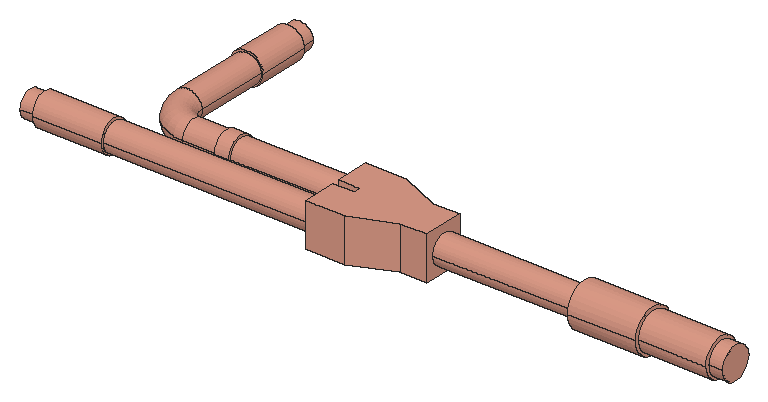
Revit family "outputfile", category 配管付属品, Revit 2024
Family settings
  丸型コネクタ寸法 = 半径を使用
  パーツ タイプ = 標準
  OmniClass 番号 = 23.65.55.00
  OmniClass タイトル = Distribution of Supplied Liquids/Gases
  作業面ベース = いいえ
  常に垂直 = はい
  ロード時にボイドで切り取り = いいえ
  共有 = いいえ
Parameters (values of type "BHFP26R135")
  Description = ""
  製造元 = "Daikin"
  書き出し IFC クラス(タイプ) = "IfcPipeFittingType"
  Default Elevation = 0.0 mm
  定義済み IFC タイプ(タイプ) = "JUNCTION"
  Cost = 0
  モデル = "BHFP26R135"
  Type Comments = ""
  Keynote = ""
  Type Image = (empty or 0)
  Assembly Code = ""
  table_PipeToCU_B [instance] = if(mm⇔inch, "Multi Module Kit_BHFP26R-_Liquid_PipeToCU_B", "Multi Module Kit_BHFP26R-_Liquid_PipeToCU_B_inch")  # "Multi Module Kit_BHFP26R-_Liquid_PipeToCU_B"
  table_PipeToCU_A [instance] = if(mm⇔inch, "Multi Module Kit_BHFP26R-_Liquid_PipeToCU_A", "Multi Module Kit_BHFP26R-_Liquid_PipeToCU_A_inch")  # "Multi Module Kit_BHFP26R-_Liquid_PipeToCU_A"
  table_ToMainPipe [instance] = if(mm⇔inch, "Multi Module Kit_BHFP26R-_Liquid_ToMainPipe", "Multi Module Kit_BHFP26R-_Liquid_ToMainPipe_inch")  # "Multi Module Kit_BHFP26R-_Liquid_ToMainPipe"
  switch_ToMainPipe3 [instance] = if(number_ToMainPipe < 3, 1 = 0, 1 = 1)  # yes
  switch_PipeToCU_B Reducer [instance] = if(and(Is_PipeToCU_B Reducer = 1, judge_IsOffsetPipe_ToOutdoorUnitB = 0), 1 = 1, 1 = 0)  # no
  switch_PipeToCU_B4 [instance] = if(number_PipeToCU_B < 4, 1 = 0, 1 = 1)  # no
  switch_PipeToCU_B3 [instance] = if(number_PipeToCU_B < 3, 1 = 0, 1 = 1)  # no
  switch_PipeToCU_B2 [instance] = if(number_PipeToCU_B < 2, 1 = 0, 1 = 1)  # yes
  switch_PipeToCU_A Reducer [instance] = if(Is_PipeToCU_A Reducer = 1, 1 = 1, 1 = 0)  # yes
  switch_ToMainPipe Reducer [instance] = if(Is_ToMainPipe Reducer = 1, 1 = 1, 1 = 0)  # no
  switch_ToMainPipe2 [instance] = if(number_ToMainPipe < 2, 1 = 0, 1 = 1)  # yes
  r_PipeToCU_B_ActualDiameter [instance] = PipeToCU_B_Liquid_ActualDiameter / 2  # 6.35 mm
  r_PipeToCU_A_ActualDiameter [instance] = PipeToCU_A_Liquid_ActualDiameter / 2  # 6.35 mm
  r_ToMainPipe_ActualDiameter [instance] = ToMainPipe_Liquid_ActualDiameter / 2  # 7.95 mm
  number_PipeToCU_B ReducerPipe [instance] = size_lookup(table_PipeToCU_B, "reducerPipeNumber", 0, モデル, judge_IsOffsetPipe_ToOutdoorUnitB, PipeToCU_B_Liquid_ActualDiameter)  # 0
  number_PipeToCU_B [instance] = size_lookup(table_PipeToCU_B, "pipeNumber", 2, モデル, judge_IsOffsetPipe_ToOutdoorUnitB, PipeToCU_B_Liquid_ActualDiameter)  # 2
  number_PipeToCU_A ReducerPipe [instance] = size_lookup(table_PipeToCU_A, "reducerPipeNumber", 2, モデル, PipeToCU_A_Liquid_ActualDiameter)  # 2
  number_ToMainPipe [instance] = size_lookup(table_ToMainPipe, "pipeNumber", 3, モデル, ToMainPipe_Liquid_ActualDiameter)  # 3
  mm⇔inch [instance] = yes
  l_ToMainPipe3 [instance] = size_lookup(table_ToMainPipe, "L_Pipe3", 8.0 mm, モデル)  # 8.0 mm
  judge_IsOffsetPipe_ToOutdoorUnitB [instance] = 0  # constant formula
  Unit Type = "BHFP26R-_Liquid"
  Uniclass2015Version = "Products v1.31"
  Uniclass2015Title = "Copper pipe fittings"
  Uniclass2015Code = "Pr_65_52_63_18"
  URL = ""
  ToMainPipe_Liquid_Status [instance] = size_lookup(table_ToMainPipe, "Information", "The connected pipe size is not available.", モデル, ToMainPipe_Liquid_ActualDiameter)  # "Default connector size is used."
  ToMainPipe_Liquid_ActualDiameter [instance] = 15.9 mm
  Tag No. [instance] = ""
  Series = "Multi Module kit"
  PipeToCU_B_Liquid_Status [instance] = size_lookup(table_PipeToCU_B, "Information", "The connected pipe size is not available.", モデル, judge_IsOffsetPipe_ToOutdoorUnitB, PipeToCU_B_Liquid_ActualDiameter)  # "Default connector size is used."
  PipeToCU_B_Liquid_ActualDiameter [instance] = 12.7 mm
  PipeToCU_A_Liquid_Status [instance] = size_lookup(table_PipeToCU_A, "Information", "The connected pipe size is not available.", モデル, PipeToCU_A_Liquid_ActualDiameter)  # "Reducer is used at connector."
  PipeToCU_A_Liquid_ActualDiameter [instance] = 12.7 mm
  Material_Piping = DAIKIN_Copper_Pipe
  Material_Insulation = DAIKIN_White_Insulation
  location_PipeToCU_A connector [instance] = size_lookup(table_PipeToCU_A, "Locationconnector", 107.0 mm, モデル, PipeToCU_A_Liquid_ActualDiameter)  # 107.0 mm
  l_PipeToCU_B connector [instance] = size_lookup(table_PipeToCU_B, "Length", 161.0 mm, モデル, judge_IsOffsetPipe_ToOutdoorUnitB, PipeToCU_B_Liquid_ActualDiameter)  # 161.0 mm
  l_PipeToCU_B Reducer [instance] = 100.0 mm  # constant formula
  l_PipeToCU_B4 [instance] = size_lookup(table_PipeToCU_B, "L_Pipe4", 2.0 mm, モデル)  # 2.0 mm
  l_PipeToCU_B3 [instance] = size_lookup(table_PipeToCU_B, "L_Pipe3", 2.0 mm, モデル)  # 2.0 mm
  l_PipeToCU_B2 [instance] = size_lookup(table_PipeToCU_B, "L_Pipe2", 8.0 mm, モデル)  # 8.0 mm
  l_PipeToCU_B1 [instance] = size_lookup(table_PipeToCU_B, "L_Pipe1", 38.5 mm, モデル)  # 38.5 mm
  l_PipeToCU_B0 [instance] = size_lookup(table_PipeToCU_B, "L_Pipe0", 114.5 mm, モデル)  # 114.5 mm
  l_PipeToCU_A connector [instance] = size_lookup(table_PipeToCU_A, "Length", 97.0 mm, モデル, PipeToCU_A_Liquid_ActualDiameter)  # 97.0 mm
  l_PipeToCU_A1 [instance] = size_lookup(table_PipeToCU_A, "L_Pipe1", 8.0 mm, モデル)  # 8.0 mm
  l_PipeToCU_A0 [instance] = size_lookup(table_PipeToCU_A, "L_Pipe0", 62.0 mm, モデル)  # 62.0 mm
  l_ToMainPipe connector [instance] = size_lookup(table_ToMainPipe, "Length", 163.0 mm, モデル, ToMainPipe_Liquid_ActualDiameter)  # 163.0 mm
  l_ToMainPipe Reducer [instance] = size_lookup(table_ToMainPipe, "L_Reducer", 2.0 mm, モデル, ToMainPipe_Liquid_ActualDiameter)  # 2.0 mm
  l_ToMainPipe2 [instance] = size_lookup(table_ToMainPipe, "L_Pipe2", 38.0 mm, モデル)  # 38.0 mm
  l_ToMainPipe1 [instance] = size_lookup(table_ToMainPipe, "L_Pipe1", 38.0 mm, モデル)  # 38.0 mm
  l_ToMainPipe0 [instance] = size_lookup(table_ToMainPipe, "L_Pipe0", 79.0 mm, モデル)  # 79.0 mm
  judge_JointType(1or2) = 2
  count_PipeToCU_B Reducer [instance] = 0  # constant formula
  count_PipeToCU_A Reducer [instance] = size_lookup(table_PipeToCU_A, "reducerCount", 1, モデル, PipeToCU_A_Liquid_ActualDiameter)  # 1
  angle_PipeToCU_A Pipe [instance] = if(RotateBranchPipetoCU_A_90°, 90.00°, 0.00°)  # 0.00°
  angle_PipeToCU_A Connector [instance] = angle_PipeToCU_A Pipe + 90.00°  # 90.00°
  PipeToCU_B_Liquid_AvailableDiameter [instance] = size_lookup(table_PipeToCU_B, "sizeVariation", "", モデル, judge_IsOffsetPipe_ToOutdoorUnitB)  # "12.7/15.9mm"
  PipeToCU_A_Liquid_AvailableDiameter [instance] = size_lookup(table_PipeToCU_A, "sizeVariation", "", モデル)  # "12.7/15.9mm"
  ToMainPipe_Liquid_AvailableDiameter [instance] = size_lookup(table_ToMainPipe, "sizeVariation", "", モデル)  # "15.9/19.1/22.2mm"
  RotateBranchPipetoCU_A_90° [instance] = no
  O.D_ToMainPipe Reducer [instance] = size_lookup(table_ToMainPipe, "O.D_reducer", 2.0 mm, モデル, ToMainPipe_Liquid_ActualDiameter)  # 2.0 mm
  Link_Nested Family [instance] = ""
  Is_PipeToCU_B Reducer [instance] = size_lookup(table_PipeToCU_B, "IsReducer", 0, モデル, judge_IsOffsetPipe_ToOutdoorUnitB, PipeToCU_B_Liquid_ActualDiameter)  # 0
  Is_PipeToCU_A Reducer [instance] = size_lookup(table_PipeToCU_A, "IsReducer", 1, モデル, PipeToCU_A_Liquid_ActualDiameter)  # 1
  Is_ToMainPipe Reducer [instance] = size_lookup(table_ToMainPipe, "IsReducer", 0, モデル, ToMainPipe_Liquid_ActualDiameter)  # 0
  IfcVersion = ""
  IfcExportType = "JUNCTION"
  IfcExportAs = "IfcPipeFittingType"
  I.D_ToMainPipe3 [instance] = size_lookup(table_ToMainPipe, "I.D_PipeSize3", 15.9 mm, モデル)  # 15.9 mm
  Attach_Insulation [instance] = no
  I.D_PipeToCU_B4 [instance] = size_lookup(table_PipeToCU_B, "I.D_PipeSize4", 2.0 mm, モデル)  # 2.0 mm
  I.D_PipeToCU_B3 [instance] = size_lookup(table_PipeToCU_B, "I.D_PipeSize3", 2.0 mm, モデル)  # 2.0 mm
  I.D_PipeToCU_B2 [instance] = size_lookup(table_PipeToCU_B, "I.D_PipeSize2", 12.7 mm, モデル)  # 12.7 mm
  I.D_PipeToCU_B1 [instance] = size_lookup(table_PipeToCU_B, "I.D_PipeSize1", 15.9 mm, モデル)  # 15.9 mm
  I.D_PipeToCU_B0 [instance] = size_lookup(table_PipeToCU_B, "I.D_PipeSize0", 13.9 mm, モデル)  # 13.9 mm
  I.D_PipeToCU_A1 [instance] = 15.5 mm  # constant formula
  I.D_PipeToCU_A0 [instance] = 13.9 mm  # constant formula
  I.D_ToMainPipe Reducer [instance] = size_lookup(table_ToMainPipe, "I.D_reducer", 2.0 mm, モデル, ToMainPipe_Liquid_ActualDiameter)  # 2.0 mm
  I.D_ToMainPipe2 [instance] = size_lookup(table_ToMainPipe, "I.D_PipeSize2", 19.1 mm, モデル)  # 19.1 mm
  I.D_ToMainPipe1 [instance] = size_lookup(table_ToMainPipe, "I.D_PipeSize1", 22.2 mm, モデル)  # 22.2 mm
  I.D_ToMainPipe0 [instance] = size_lookup(table_ToMainPipe, "I.D_PipeSize0", 13.9 mm, モデル)  # 13.9 mm
Reference planes
  plane 1 "Center (Front/Back)": y = 0
  plane 2: z = 0
  plane 3 "pipe2": x = 225.65
  plane 4: x = 187.65
  plane 5: x = 149.65
  plane 6: x = 70.65
  plane 7: x = 10.65
  plane 8: x = -59.35
  plane 9: x = -103.85
  plane 10: x = -142.35
  plane 11: x = -150.35
  plane 12: x = -152.35
  plane 13: x = -154.35
  plane 14 "offset_center": y = 11.5
  plane 15: y = -11.5
  plane 16: x = -51.35
  plane 17: x = 120.65
  plane 18 "ToMainPipe_connector": x = 233.65
  plane 19 "connector_OutdoorunitA": x = -96.35
  plane 20 "connector_ToOutdoorUnitB": x = -104.35
  plane 21 "pipe3": x = 233.65
Forms (mm)
  Extrusion 1, solid, material "DAIKIN_Copper_Pipe" <- "Material_Piping"
    sketch origin (0, 0, 0) x (1, 0, 0) y (0, 1, 0)
      loop
        line (10.65, 1.998) -> (22.65, 1.998) -> (22.65, -1.998) -> (10.65, -1.998) -> (10.65, -21.2) -> (32.801, -21.2) -> (55.65, -11.3) -> (70.65, -11.3) -> (70.65, 11.3) -> (55.65, 11.3) -> (32.801, 21.2) -> (10.65, 21.2) -> (10.65, 1.998)
    from -12.2 to 12.2
Dimensions and locks
  locked: plane 6 to plane 17 at 50
  "l_PipeToCU_A1": plane 8 to plane 16
  "l_PipeToCU_B1": plane 10 to plane 9
  "l_PipeToCU_B2": plane 11 to plane 10
  "l_PipeToCU_B3": plane 12 to plane 11
  "l_PipeToCU_B4": plane 13 to plane 12
  locked: plane 7 to plane 6 at 60
  "l_ToMainPipe1": plane 5 to plane 4
  "l_ToMainPipe2": plane 4 to plane 3 "pipe2"
  "l_ToMainPipe0": plane 6 to plane 5
  "l_ToMainPipe connector": plane 6 to plane 18 "ToMainPipe_connector"
  plane 14 "offset_center" to plane 1 "Center (Front/Back)" to plane 15 = 11.5 mm locked, 11.5 mm locked
  locked: plane 1 "Center (Front/Back)" to Extrusion 1 sketch curve at 11.3  (x2)
  locked: Extrusion 1 sketch curve to plane 1 "Center (Front/Back)" at 21.2
  locked: plane 1 "Center (Front/Back)" to Extrusion 1 sketch curve at 21.2
  "l_PipeToCU_A0": plane 16 to plane 7
  "location_PipeToCU_A connector": plane 19 "connector_OutdoorunitA" to plane 7
  "l_PipeToCU_B0": plane 9 to plane 7
  "l_ToMainPipe3": plane 3 "pipe2" to plane 21 "pipe3"
  aligned and locked: level to plane 2
  aligned and locked: plane 2 to nested 1
  aligned and locked: plane 1 "Center (Front/Back)" to nested 1
  aligned and locked: plane 3 "pipe2" to nested 1
  aligned and locked: plane 4 to nested 1
  aligned and locked: plane 4 to nested 2
  aligned and locked: plane 5 to nested 2
  aligned and locked: plane 5 to nested 3
  aligned and locked: plane 6 to nested 3
  aligned and locked: plane 6 to Extrusion 1
  aligned and locked: Extrusion 1 to plane 7  (x2)
  aligned and locked: plane 7 to nested 4
  aligned and locked: plane 8 to nested 5
  aligned and locked: plane 16 to nested 5
  aligned and locked: nested 5 to plane 14 "offset_center"
  aligned and locked: nested 6 to plane 15
  aligned and locked: plane 7 to nested 6
  aligned and locked: plane 9 to nested 6
  aligned and locked: plane 10 to nested 7
  aligned and locked: plane 9 to nested 7
  aligned and locked: plane 11 to nested 8
  aligned and locked: plane 10 to nested 8
  aligned and locked: plane 12 to nested 9
  aligned and locked: plane 11 to nested 9
  aligned and locked: plane 13 to nested 10
  aligned and locked: plane 12 to nested 10
  aligned and locked: nested 10 to plane 15
  aligned and locked: nested 9 to plane 15
  aligned and locked: nested 8 to plane 15
  aligned and locked: nested 7 to plane 15
  aligned and locked: plane 1 "Center (Front/Back)" to nested 11
  aligned and locked: plane 17 to nested 11
  aligned and locked: plane 16 to nested 4
  aligned and locked: nested 12 to plane 14 "offset_center"
  aligned and locked: plane 8 to nested 12
  aligned and locked: plane 1 "Center (Front/Back)" to nested 13
  aligned and locked: plane 18 "ToMainPipe_connector" to nested 13
  aligned and locked: plane 6 to nested 14
  aligned and locked: plane 1 "Center (Front/Back)" to nested 3
  aligned and locked: plane 14 "offset_center" to nested 15
  aligned and locked: nested 15 to plane 19 "connector_OutdoorunitA"
  aligned and locked: nested 16 to plane 7
  aligned and locked: nested 4 to plane 14 "offset_center"
  aligned and locked: plane 3 "pipe2" to nested 17
  aligned and locked: plane 21 "pipe3" to nested 17
  aligned and locked: nested 16 to plane 15
Automatic sketch dimensions
  Extrusion 1 sketch curve to plane 7 = 0.0 mm  (x2)
  Extrusion 1 sketch curve to plane 6 = 0.0 mm
  Extrusion 1 sketch curve to plane 1 "Center (Front/Back)" = 1.998 mm
  plane 7 to Extrusion 1 sketch curve = 12.0 mm
  Extrusion 1 sketch curve to Extrusion 1 sketch curve = 10.151 mm  (x2)
  Extrusion 1 sketch curve to Extrusion 1 sketch curve = 15.0 mm  (x2)
  plane 1 "Center (Front/Back)" to Extrusion 1 sketch curve = 1.998 mm
Nested families
  nested 1: "daikin_Pipe" at (206.65, 0, 0), I.D_Pipe <- "I.D_ToMainPipe2", display <- "switch_ToMainPipe2", type "*"
    with length_Pipe 38.0 mm, display yes, O.D_Pipe 21.1 mm, I.D_Pipe 19.1 mm
  nested 2: "daikin_Pipe" at (168.65, 0, 0), I.D_Pipe <- "I.D_ToMainPipe1", type "*"
    with length_Pipe 38.0 mm, display yes, O.D_Pipe 24.2 mm, I.D_Pipe 22.2 mm
  nested 3: "daikin_Pipe" at (110.15, 0, 0), I.D_Pipe <- "I.D_ToMainPipe0", type "*"
    with length_Pipe 79.0 mm, display yes, O.D_Pipe 15.9 mm, I.D_Pipe 13.9 mm
  nested 4: "daikin_Pipe" at (-20.35, 11.5, 0), I.D_Pipe <- "I.D_PipeToCU_A0", type "*"
    with length_Pipe 62.0 mm, display yes, O.D_Pipe 15.9 mm, I.D_Pipe 13.9 mm
  nested 5: "daikin_Pipe" at (-55.35, 11.5, 0), I.D_Pipe <- "I.D_PipeToCU_A1", type "*"
    with length_Pipe 8.0 mm, display yes, O.D_Pipe 17.5 mm, I.D_Pipe 15.5 mm
  nested 6: "daikin_Pipe" at (-46.6, -11.5, 0), I.D_Pipe <- "I.D_PipeToCU_B0", type "*"
    with length_Pipe 114.5 mm, display yes, O.D_Pipe 15.9 mm, I.D_Pipe 13.9 mm
  nested 7: "daikin_Pipe" at (-123.1, -11.5, 0), I.D_Pipe <- "I.D_PipeToCU_B1", type "*"
    with length_Pipe 38.5 mm, display yes, O.D_Pipe 17.9 mm, I.D_Pipe 15.9 mm
  nested 8: "daikin_Pipe" at (-146.35, -11.5, 0), I.D_Pipe <- "I.D_PipeToCU_B2", display <- "switch_PipeToCU_B2", type "*"
    with length_Pipe 8.0 mm, display yes, O.D_Pipe 14.7 mm, I.D_Pipe 12.7 mm
  nested 9: "daikin_Pipe" at (-151.35, -11.5, 0), display <- "switch_PipeToCU_B3", I.D_Pipe <- "I.D_PipeToCU_B3", visible <- "switch_PipeToCU_B3", type "*"
    with length_Pipe 2.0 mm, display no, O.D_Pipe 4.0 mm, I.D_Pipe 2.0 mm
  nested 10: "daikin_Pipe" at (-153.35, -11.5, 0), display <- "switch_PipeToCU_B4", I.D_Pipe <- "I.D_PipeToCU_B4", visible <- "switch_PipeToCU_B4", type "*"
    with length_Pipe 2.0 mm, display no, O.D_Pipe 4.0 mm, I.D_Pipe 2.0 mm
  nested 11: "daikin_MultiModeluKit_Insulation" at (120.65, 0, 0), display <- "Attach_Insulation", type "*"
    with h 54.2 mm, display no, I.D_Outlet PipeSize 22.2 mm
  nested 12: "daikin_Multi Module kit_Reducer90_rotate" at (-59.35, 11.5, 0), number_reducerPipe <- "number_PipeToCU_A ReducerPipe", angle_Pipe <- "angle_PipeToCU_A Pipe", type "*"
    with number_reducerPipe 2, display_Pipe2 yes, display_Pipe1 yes, angle_Pipe 0.00°
  nested 13: "daikin_Pipe_reducer" at (232.65, 0, 0), I.D_Pipe1 <- "I.D_ToMainPipe Reducer", O.D_Pipe2 <- "O.D_ToMainPipe Reducer", length_Pipe <- "l_ToMainPipe Reducer", display <- "switch_ToMainPipe Reducer", type "*"
    with length_Pipe 2.0 mm, display no, O.D_Pipe2 2.0 mm, O.D_Pipe1 4.0 mm, I.D_Pipe2 0.0 mm, I.D_Pipe1 2.0 mm
  nested 14: "daikin_connector_rotate3" at (70.65, 0, 0) x (0, 1, 0) z (0, 0, 1), length <- "l_ToMainPipe connector", type "daikin_connector_rotate3"
    with radius 10.0 mm, length 163.0 mm, angle_vertical 90.00°, angle_horizontal 0.00°
  nested 15: "daikin_connector_rotate3" at (-96.35, 11.5, 0) x (-1, 0, 0) z (0, 0, 1), length <- "l_PipeToCU_A connector", angle_vertical <- "angle_PipeToCU_A Connector", type "daikin_connector_rotate3"
    with radius 10.0 mm, length 97.0 mm, angle_vertical 90.00°, angle_horizontal 0.00°
  nested 16: "daikin_connector_rotate3" at (10.65, -11.5, 0) x (0, -1, 0) z (0, 0, 1), length <- "l_PipeToCU_B connector", type "daikin_connector_rotate3"
    with radius 10.0 mm, length 161.0 mm, angle_vertical 90.00°, angle_horizontal 0.00°
  nested 17: "daikin_Pipe" at (229.65, 0, 0), display <- "switch_ToMainPipe3", I.D_Pipe <- "I.D_ToMainPipe3", type "*"
    with length_Pipe 8.0 mm, display yes, O.D_Pipe 17.9 mm, I.D_Pipe 15.9 mm
Connectors
  piping at (233.65, 0, 0), diameter 15.9, driven by "r_ToMainPipe_ActualDiameter"
    settings: on nested 14, index 1, connector inside diameter 609.6 mm, connector length 0.0 mm, flow factor 0, pipe flow 0.00 m³/h, pressure drop 0.0 Pa, fitting loss kfactor 0, connector angle 0.00°, fixture units 0, engagement length 0.0 mm, angle of deflection 0.00°, flow configuration 0, flow direction 2, fitting loss method 0, system type 29, joint type 0, gender type 0, connector reference index -1, connector utility 0, adjustable connector no, is connector primary yes, connector description "Multi Module kit_to Main Pipe_Liquid"
  piping at (-96.35, 108.5, 0), diameter 12.7, driven by "r_PipeToCU_A_ActualDiameter"
    settings: on nested 15, index 2, connector inside diameter 609.6 mm, connector length 0.0 mm, flow factor 0, pipe flow 0.00 m³/h, pressure drop 0.0 Pa, fitting loss kfactor 0, connector angle 0.00°, fixture units 0, engagement length 0.0 mm, angle of deflection 0.00°, flow configuration 0, flow direction 1, fitting loss method 0, system type 29, joint type 0, gender type 0, connector reference index -1, connector utility 0, adjustable connector no, is connector primary no, connector description "Multi Module kit_Piping to CU-A_Liquid"
  piping at (-150.35, -11.5, 0), diameter 12.7, driven by "r_PipeToCU_B_ActualDiameter"
    settings: on nested 16, index 3, connector inside diameter 609.6 mm, connector length 0.0 mm, flow factor 0, pipe flow 0.00 m³/h, pressure drop 0.0 Pa, fitting loss kfactor 0, connector angle 0.00°, fixture units 0, engagement length 0.0 mm, angle of deflection 0.00°, flow configuration 0, flow direction 1, fitting loss method 0, system type 29, joint type 0, gender type 0, connector reference index -1, connector utility 0, adjustable connector no, is connector primary no, connector description "Multi Module kit_Piping to CU-B_Liquid"
Definition of nested family "daikin_Pipe"
  Parameters (values of type "*")
    Default Elevation = 0.0 mm
    material = none
    length_Pipe [instance] = 150.0 mm
    display [instance] = yes
    O.D_Pipe [instance] = I.D_Pipe + 2.0 mm  # 27.0 mm
    I.D_Pipe [instance] = 25.0 mm
  Reference planes
    plane 1 "Center (Front/Back)": y = 0
    plane 2 "center(vertical)": z = 0
    plane 3 "Center (Left/Right)": x = 0
    plane 4 "left": x = -75
    plane 5 "right": x = 75
  Forms (mm)
    Extrusion 1, solid, material <- "material", visible <- "display"
      sketch origin (0, 0, 0) x (0, 1, 0) y (0, 0, 1)
        loop
          circle (0, 0) r 13.5
      from -75 to 75
  Dimensions and locks
    equal spacing: plane 4 "left", plane 3 "Center (Left/Right)", plane 5 "right"
    "length_Pipe": plane 4 "left" to plane 5 "right"
    "O.D_Pipe": diameter of Extrusion 1 sketch curve
    aligned and locked: level to plane 2 "center(vertical)"
    aligned and locked: plane 2 "center(vertical)" to Extrusion 1 sketch curve
    aligned and locked: plane 1 "Center (Front/Back)" to Extrusion 1 sketch curve
    aligned and locked: plane 5 "right" to Extrusion 1
    aligned and locked: Extrusion 1 to plane 4 "left"
Definition of nested family "daikin_Multi Module kit_Reducer90_rotate"
  Parameters (values of type "*")
    Default Elevation = 0.0 mm
    number_reducerPipe [instance] = 4
    material_Pipe = none
    display_Pipe2 [instance] = if(number_reducerPipe < 2, 1 = 0, 1 = 1)  # yes
    display_Pipe1 [instance] = if(number_reducerPipe < 1, 1 = 0, 1 = 1)  # yes
    angle_Pipe [instance] = 30.00°
  Reference planes
    plane 1 "Center (Front/Back)": y = 0
    plane 2: z = 0
    plane 3 "Center (Left/Right)": x = 0
  Dimensions and locks
    "angle_Pipe": angle plane 2 to nested 1
    aligned and locked: level to plane 2
  Nested families
    nested 1: "daikin_Multi Module kit_Reducer90" at (0, 0, 0) x (1, 0, 0) z (0, -0.5, 0.866), display_Pipe2 <- "display_Pipe2", display_Pipe1 <- "display_Pipe1", type "*"
      with display_Pipe2 yes, display_Pipe1 yes, I.D_connector 34.9 mm
  Definition of nested family "daikin_Multi Module kit_Reducer90"
    Parameters (values of type "*")
      Default Elevation = 0.0 mm
      material_Pipe = none
      display_Pipe2 [instance] = yes
      display_Pipe1 [instance] = yes
      O.D_Pipe2 = 12.7 mm + 2.0 mm  # 14.7 mm
      O.D_Pipe1 = 15.9 mm + 2.0 mm  # 17.9 mm
      O.D_Pipe0 = 15.9 mm  # constant formula
      I.D_connector [instance] = 0.0 mm
    Reference planes
      plane 1 "Center (Front/Back)": y = 0
      plane 2 "center_vertical": z = 0
      plane 3 "Center (Left/Right)": x = 0
      plane 4 "center_toOutdoor": x = -37
      plane 5: y = 60
      plane 6: y = 89
      plane 7: y = 97
    Forms (mm)
      Sweep 1, solid, material <- "material_Pipe"
        path origin (0, 0, 0) x (1, 0, 0) y (0, 1, 0)
          loop
            line (0, 0) -> (-18.241, 0)
            arc (-18.241, 0) -> (-31.506, 5.494) -> (-37, 18.759) r 18.759
            line (-37, 18.759) -> (-37, 60)
        profile origin (-9.12, 0, 0) x (0, -1, 0) y (0, 0, 1)
          loop
            circle (0, 0) r 7.95
      Extrusion 2, solid, material <- "material_Pipe", visible <- "display_Pipe1"
        sketch origin (0, 0, 0) x (1, 0, 0) y (0, 0, 1)
          loop
            circle (-37, 0) r 8.95
        from -89 to -60
      Extrusion 3, solid, material <- "material_Pipe", visible <- "display_Pipe2"
        sketch origin (75, -2.05, 0) x (1, 0, 0) y (0, 0, 1)
          loop
            circle (-112, 0) r 7.35
        from -99.05 to -91.05
    Lines and regions (mm)
      reference lines
        curve 1: line (0, 0, 0) -> (-37, 0, 0)
    Dimensions and locks
      locked: plane 1 "Center (Front/Back)" to plane 5 at 60
      locked: plane 6 to plane 5 at 29
      locked: plane 7 to plane 6 at 8
      plane 4 "center_toOutdoor" to plane 3 "Center (Left/Right)" = 37.0 mm
      "O.D_Pipe2": diameter of Extrusion 3 sketch curve
      "O.D_Pipe0": diameter of Sweep 1 sketch curve
      "O.D_Pipe1": diameter of Extrusion 2 sketch curve
      aligned and locked: level to plane 2 "center_vertical"
      aligned and locked: plane 6 to Extrusion 2
      aligned and locked: Extrusion 2 to plane 5
      aligned and locked: Extrusion 3 to plane 6
      aligned and locked: Sweep 1 sketch curve to plane 1 "Center (Front/Back)"
      aligned and locked: plane 3 "Center (Left/Right)" to curve 1
      aligned and locked: curve 1 to plane 1 "Center (Front/Back)"
      aligned and locked: plane 7 to Extrusion 3
    Automatic sketch dimensions
      Sweep 1 sketch curve to plane 4 "center_toOutdoor" = 0.0 mm
      Sweep 1 sketch curve to plane 3 "Center (Left/Right)" = 0.0 mm
      Sweep 1 sketch curve to plane 5 = 0.0 mm
      Sweep 1 sketch curve to plane 3 "Center (Left/Right)" = 18.241 mm
      curve 1 to plane 4 "center_toOutdoor" = 0.0 mm
      Sweep 1 sketch curve to level = 0.0 mm
      Sweep 1 sketch curve to profile plane = 0.0 mm
      Extrusion 2 sketch curve to level = 0.0 mm
      Extrusion 2 sketch curve to plane 4 "center_toOutdoor" = 0.0 mm
      Extrusion 3 sketch curve to level = 0.0 mm
      Extrusion 3 sketch curve to plane 4 "center_toOutdoor" = 0.0 mm
Definition of nested family "daikin_MultiModeluKit_Insulation"
  Parameters (values of type "*")
    Default Elevation = 0.0 mm
    Model = ""
    material = none
    h [instance] = (I.D_Outlet PipeSize + 2.0 mm) + 30.0 mm  # 47.0 mm
    display [instance] = yes
    I.D_Outlet PipeSize [instance] = 15.0 mm
  Reference planes
    plane 1 "Center (Front/Back)": y = 0
    plane 2: z = 0
    plane 3 "Left": x = 0
    plane 4 "top": z = 23.5
    plane 5 "bottom": z = -23.5
  Forms (mm)
    Extrusion 1, solid, material <- "material", visible <- "display"
      sketch origin (0, 0, 0) x (1, 0, 0) y (0, 1, 0)
        loop
          line (0, -22.3) -> (0, 22.3) -> (-101, 45.79) -> (-187, 45.79) -> (-187, 6.128) -> (-257, 10) -> (-257, -45.79) -> (-101, -45.79) -> (0, -22.3)
      from -23.5 to 23.5
  Dimensions and locks
    equal spacing: plane 4 "top", plane 2, plane 5 "bottom"
    "h": plane 4 "top" to plane 5 "bottom"
    equal spacing: Extrusion 1 sketch curve, plane 1 "Center (Front/Back)", Extrusion 1 sketch curve
    locked: Extrusion 1 sketch curve to plane 3 "Left" at 101  (x2)
    locked: Extrusion 1 sketch curve to plane 3 "Left" at 187
    locked: Extrusion 1 sketch curve to plane 3 "Left" at 257
    aligned and locked: level to plane 2
    aligned and locked: plane 3 "Left" to Extrusion 1
    aligned and locked: Extrusion 1 to plane 5 "bottom"
    aligned and locked: plane 4 "top" to Extrusion 1
  Automatic sketch dimensions
    Extrusion 1 sketch curve to plane 3 "Left" = 0.0 mm
    plane 1 "Center (Front/Back)" to Extrusion 1 sketch curve = 45.79 mm
    plane 1 "Center (Front/Back)" to Extrusion 1 sketch curve = 22.3 mm
    Extrusion 1 sketch curve to plane 1 "Center (Front/Back)" = 45.79 mm
    Extrusion 1 sketch curve to plane 1 "Center (Front/Back)" = 10.0 mm
    Extrusion 1 sketch curve to plane 1 "Center (Front/Back)" = 6.128 mm
Definition of nested family "daikin_Pipe_reducer"
  Parameters (values of type "*")
    Default Elevation = 0.0 mm
    material = none
    length_Pipe [instance] = 250.0 mm
    display [instance] = yes
    O.D_Pipe2 [instance] = 19.1 mm
    O.D_Pipe1 [instance] = I.D_Pipe1 + 2.0 mm  # 24.2 mm
    I.D_Pipe2 [instance] = O.D_Pipe2 - 2.0 mm  # 17.1 mm
    I.D_Pipe1 [instance] = 22.2 mm
  Reference planes
    plane 1 "Center (Front/Back)": y = 0
    plane 2 "center(vertical)": z = 0
    plane 3 "Center (Left/Right)": x = 0
    plane 4 "connection": x = -125
    plane 5 "right": x = 113
    plane 6: x = 125
  Forms (mm)
    Extrusion 1, solid, material <- "material", visible <- "display"
      sketch origin (0, 0, 0) x (0, 1, 0) y (0, 0, 1)
        loop
          circle (0, 0) r 9.55
      from -125 to 113
    Extrusion 2, solid, material <- "material", visible <- "display"
      sketch origin (0, 0, 0) x (0, 1, 0) y (0, 0, 1)
        loop
          circle (0, 0) r 12.1
      from 113 to 125
  Dimensions and locks
    locked: plane 5 "right" to plane 6 at 12
    "length_Pipe": plane 4 "connection" to plane 6
    equal spacing: plane 4 "connection", plane 3 "Center (Left/Right)", plane 6
    "O.D_Pipe2": diameter of Extrusion 1 sketch curve
    "O.D_Pipe1": diameter of Extrusion 2 sketch curve
    aligned and locked: level to plane 2 "center(vertical)"
    aligned and locked: plane 2 "center(vertical)" to Extrusion 1 sketch curve
    aligned and locked: plane 1 "Center (Front/Back)" to Extrusion 1 sketch curve
    aligned and locked: plane 5 "right" to Extrusion 1
    aligned and locked: Extrusion 1 to plane 4 "connection"
    aligned and locked: plane 2 "center(vertical)" to Extrusion 2 sketch curve
    aligned and locked: plane 1 "Center (Front/Back)" to Extrusion 2 sketch curve
    aligned and locked: Extrusion 2 to plane 5 "right"
    aligned and locked: plane 6 to Extrusion 2
Definition of nested family "daikin_connector_rotate3"
  Parameters (values of type "daikin_connector_rotate3")
    Default Elevation = 1219.2 mm
    show_face = no
    show_circle = no
    radius [instance] = 10.0 mm
    length [instance] = 600.0 mm
    angle_horizontal [instance] = 60.00°
    angle_vertical [instance] = 90.00°
  Reference planes
    plane 1 "Center (Front/Back)": y = 0
    plane 2: z = 0
    plane 3 "Center (Left/Right)": x = 0
  Dimensions and locks
    "angle_horizontal": angle plane 3 "Center (Left/Right)" to nested 1
    aligned and locked: level to plane 2
    aligned and locked: plane 1 "Center (Front/Back)" to nested 1  (x2)
    aligned and locked: plane 3 "Center (Left/Right)" to nested 1
  Nested families
    nested 1: "daikin_connector_rotate2" at (0, 0, 0) x (0.5, 0.866, 0) z (0, 0, 1), angle_vertical <- "angle_vertical", length <- "length", radius <- "radius", type "daikin_connector_rotate2"
      with radius 10.0 mm, length 600.0 mm, angle_vertical 90.00°, Default Elevation 0.0 mm, show_circle no
  Definition of nested family "daikin_connector_rotate2"
    Parameters (values of type "daikin_connector_rotate2")
      Default Elevation = 1219.2 mm
      show_face = no
      show_circle = yes
      radius [instance] = 10.0 mm
      length [instance] = 600.0 mm
      d_surface = 10.0 mm
      angle_vertical [instance] = 90.00°
    Reference planes
      plane 1 "Center (Front/Back)": y = 0
      plane 2: z = 0
      plane 3 "Center (Left/Right)": x = 0
    Forms (mm)
      Extrusion 1, solid, visible <- "show_face"
        sketch origin (0, -600, 0) x (1, 0, 0) y (0, 0, 1)
          loop
            circle (0, 0) r 10
        from 0 to -10
    Lines and regions (mm)
      reference lines
        curve 1: line (0, 0, 0) -> (0, -600, 0)
      symbolic lines, visible <- "show_circle"
        curve 2: circle (0, 0, 0) r 5 normal (0, 0, 1)
      model lines, visible <- "show_face"
        curve 3: line (0, 0, 0) -> (0, -600, 0)
    Dimensions and locks
      "length": curve 1 to curve 1
      "length": curve 3 to curve 3
      "d_surface": Extrusion 1 to Extrusion 1
      "radius": radius of Extrusion 1 sketch curve
      "angle_vertical": angle curve 1 to plane 1 "Center (Front/Back)"
      "angle_vertical": angle curve 3 to plane 1 "Center (Front/Back)"
      aligned and locked: level to plane 2
      aligned and locked: plane 1 "Center (Front/Back)" to curve 1
      aligned and locked: plane 2 to curve 1
      aligned and locked: plane 1 "Center (Front/Back)" to curve 2
      aligned and locked: plane 3 "Center (Left/Right)" to curve 2
      aligned and locked: plane 1 "Center (Front/Back)" to curve 3
      aligned and locked: plane 2 to curve 3
      aligned and locked: Extrusion 1 to Extrusion 1
    Automatic sketch dimensions
      Extrusion 1 sketch curve to level = 0.0 mm
      Extrusion 1 sketch curve to plane 3 "Center (Left/Right)" = 0.0 mm
      radius of curve 2 = 5.0 mm
